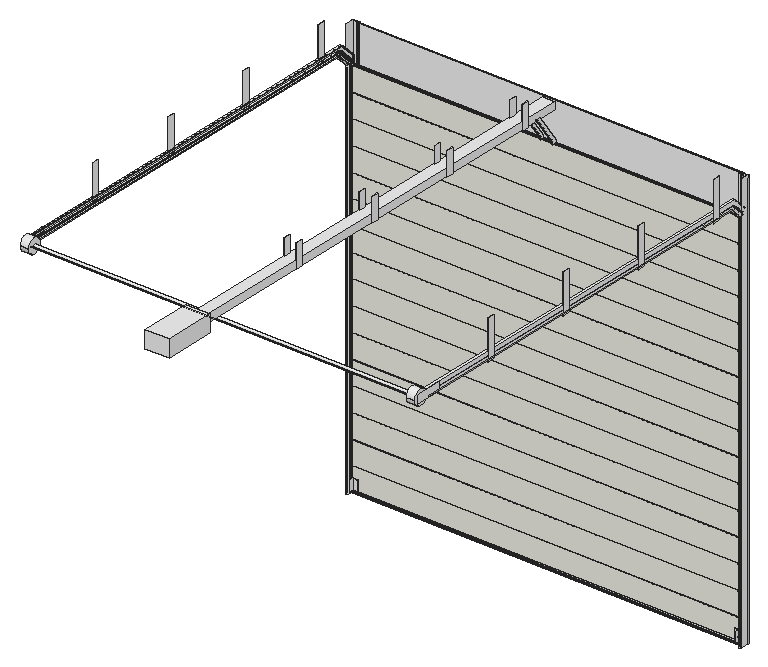
Revit family "2014-ES_Puerta-Seccional_AEPA", category Puertas, Revit 2014
Parameters (values of type "Puerta Seccional 4000x4000mm")
  Uniclass 2.0 Descripción = "Sectional overhead doorset systems"  # constant formula
  Uniclass 2.0 Código = "25-30-20-76"  # constant formula
  URL Producto = ""
  URL = "http://www.aepa.ws/web/index.php"
  UNSPSC Código = "30172108"  # constant formula
  UNSPSC Categoría = "Rolling garage door"  # constant formula
  Teléfono de Contacto = "91 429 31 02"
  Representación Horizontal L. H. Guia Inferior = Longitud Horizontal Guia Inferior + 300 mm  # 4300 mm
  Piezas - Redondeo = roundup(N Piezas / 1 mm)  # 16
  Redondeo Lamas = roundup(N Piezas / 1 mm)  # 16
  Omniclass Título = "Sectional Overhead Metal Doors"  # constant formula
  Omniclass Código = "23-17 11 13 25 13"  # constant formula
  Numero lamas = Height / 250 mm  # 16
  N Piezas = Height / 250  # 16 mm
  Modelo = "Genérico AEPA"  # constant formula
  Mitad Longitud Real Lama = Mitad Longitud Puerta + 20 mm  # 2020 mm
  Mitad Longitud Puerta = Width / 2  # 2000 mm
  Masterformat Descripción = "Sectional Doors"  # constant formula
  Masterformat Código = "08 36 13"  # constant formula
  Longitud Horizontal Guia Superior = Longitud Horizontal Guia Inferior + 21.9 mm  # 4021.9 mm
  Longitud Horizontal Guia Inferior = Height  # 4000 mm
  Largo Carril Maquinaria = Longitud Horizontal Guia Superior + 1000 mm  # 5021.9 mm
  Lama = Panel Sandwich- Puerta Generica- AEPA
  Información Técnica = "http://bimetica.com/es/aepa.html"
  IFC Clasificación = ""
  Gomas = Gomas- Puerta Generica- AEPA
  Función = Interior
  Proyección marco ext. = 25 mm
  Proyección marco int. = 25 mm
  Fecha de Caducidad de Información = "01/01/2016"  # constant formula
  Fecha Revisión de Contenido = "15/12/2014"  # constant formula
  Fabricante - ROLLTORE PORTIS = "http://www.portis.es/"
  Fabricante - CONTROLSA = "http://www.controlsa.com/"
  Estructura = Aluminio- Puerta Generica- AEPA
  Email de Contacto = "info@aepa.ws"
  Desfase interior = 0 mm
  Desfase exterior = 0 mm
  Descripción = "Puerta Seccional Genérica AEPA"  # constant formula
  Creado por = "Bimetica Parametric Design Services S.L."  # constant formula
  Colección = "Biblioteca BIM AEPA"  # constant formula
  Cantidad Piezas Fijacion = rounddown((Longitud Horizontal Guia Superior - 215 mm) / 900 mm)  # 4
  COBie Categoría = ""
  Bimetica = "www.bimetica.com"
  Asociación- AEPA = "http://www.aepa.ws/web/index.php"
  Anchura de marco = 75 mm
  Anchura Hueco = if(Desfase interior = 0 mm, Width + 140 mm, Width)  # 4140 mm
  Altura Nivel Techo Maquinaria = 300 mm
  Altura Hueco = if(Desfase interior = 0 mm, Height + 390 mm, Height)  # 4390 mm
  Altura Fijaciones Techo = 409.018 mm
  Altura Def Lama = if(Alt. Real Lama = 244 mm, 244 mm, Alt. Real Lama)  # 243 mm
  Altura Cuelgues Carril = 244.362 mm
  Alt. Real Lama = Height / Redondeo Lamas - (Redondeo Lamas * 7 mm / Redondeo Lamas)  # 243 mm
  Altura Perfil Vertical sobre dintel = 390 mm
  Height = 4000 mm
  Cierre de muro = Por anfitrión
  Width = 4000 mm
Reference planes
  plane 1: y = 0
  plane 2 "Centro (Izquierda/Derecha)": x = 0
  plane 3 "Izquierda": x = -2000
  plane 4 "Derecha": x = 2000
  plane 5: z = 4000
  plane 6 "Interior": y = 75
  plane 7 "Offset": y = 75
  plane 8 "Exterior": y = 145
Forms (mm)
  Sweep 1, solid, material "Aluminio- Puerta Generica- AEPA" <- "Estructura"
    path origin (-2000, 5.679, 0) x (0, -1, 0) y (0, 0, 1)
      loop
        line (-69.321, 0) -> (-69.321, 4390)
    profile origin (-2000, 75, 2195) x (0, 1, 0) y (-1, 0, 0)
      loop
        arc (0.049, 64.076) -> (-1.921, 68.141) -> (-6.016, 70.049) r 6.741
        line (-6.016, 70.049) -> (-89.248, 70.049) -> (-95.302, 70.049) -> (-95.302, 66.335) -> (-6.608, 66.335)
        arc (-6.608, 66.335) -> (-4.44, 65.316) -> (-3.666, 63.049) r 3.066
        line (-3.666, 63.049) -> (-3.666, 3.764) -> (-4.527, 3.764) -> (-9.427, 3.764) -> (-9.427, 11.157)
        arc (-9.427, 11.157) -> (-14.127, 13.379) -> (-17.084, 9.103) r 4.018
        line (-17.084, 9.103) -> (-17.084, 3.764) -> (-18.95, 3.764) -> (-18.95, 14.179) -> (-22.311, 14.179) -> (-22.311, -10.773) -> (-18.95, -10.773) -> (-18.95, 0.049) -> (-2.84, 0.049)
        arc (-2.84, 0.049) -> (-0.797, 0.896) -> (0.049, 2.938) r 2.889
        line (0.049, 2.938) -> (0.049, 64.076)
  Sweep 2, solid, material "Aluminio- Puerta Generica- AEPA" <- "Estructura"
    path origin (2000, 0, 0) x (0, -1, 0) y (0, 0, 1)
      loop
        line (-75, 0) -> (-75, 4390)
    profile origin (2000, 75, 2195) x (0, 1, 0) y (-1, 0, 0)
      loop
        line (0.049, -63.935) -> (0.049, -2.797)
        arc (0.049, -2.797) -> (-0.797, -0.755) -> (-2.84, 0.092) r 2.889
        line (-2.84, 0.092) -> (-18.95, 0.092) -> (-18.95, 10.914) -> (-22.311, 10.914) -> (-22.311, -14.038) -> (-18.95, -14.038) -> (-18.95, -3.623) -> (-17.084, -3.623) -> (-17.084, -8.962)
        arc (-17.084, -8.962) -> (-14.127, -13.238) -> (-9.427, -11.016) r 4.018
        line (-9.427, -11.016) -> (-9.427, -3.623) -> (-4.527, -3.623) -> (-3.666, -3.623) -> (-3.666, -62.908)
        arc (-3.666, -62.908) -> (-4.44, -65.175) -> (-6.608, -66.193) r 3.066
        line (-6.608, -66.193) -> (-95.302, -66.193) -> (-95.302, -69.908) -> (-89.248, -69.908) -> (-6.016, -69.908)
        arc (-6.016, -69.908) -> (-1.921, -68) -> (0.049, -63.935) r 6.741
  Sweep 3, solid, material "Aluminio- Puerta Generica- AEPA" <- "Estructura"
    path origin (2000, 0, 0) x (0, -1, 0) y (0, 0, 1)
      loop
        line (-20.78, 0) -> (-20.78, 4047) -> (126.78, 4194.56) -> (4126.78, 4194.56)
    profile origin (2000, 20.78, 2023.5) x (0, 1, 0) y (-1, 0, 0)
      loop
        line (-10.944, -41.577) -> (-14.863, -41.577) -> (-14.863, -63.542) -> (-33.99, -63.542)
        spline (-33.99, -63.542) -> (-38.153, -62.86) -> (-41.345, -61.955) -> (-43.75, -60.808) -> (-45.556, -59.398) -> (-46.899, -57.725) -> (-47.755, -55.851) -> (-48.062, -53.852) -> (-47.762, -51.805) -> (-46.794, -49.78) -> (-45.082, -47.829) -> (-42.549, -45.995) -> (-39.117, -44.322)
        line (-39.117, -44.322) -> (-40.513, -40.959)
        spline (-40.513, -40.959) -> (-44.649, -43.002) -> (-47.438, -44.989) -> (-49.273, -46.996) -> (-50.542, -49.1) -> (-51.419, -51.333) -> (-51.811, -53.673) -> (-51.604, -56.095) -> (-50.685, -58.572) -> (-48.979, -61.033) -> (-46.505, -63.288) -> (-43.297, -65.125) -> (-39.392, -66.335)
        line (-39.392, -66.335) -> (-10.944, -66.335) -> (-10.944, -41.577)
  Sweep 4, solid, material "Aluminio- Puerta Generica- AEPA" <- "Estructura"
    path origin (2000, 0, 0) x (0, -1, 0) y (0, 0, 1)
      loop
        line (-20.78, 4000) -> (-20.78, 4064.873) -> (109.419, 4195.072) -> (4131.319, 4195.072)
    profile origin (2000, 20.78, 4032.437) x (0, 1, 0) y (-1, 0, 0)
      loop
        line (31.909, -41.577) -> (29.909, -41.577) -> (29.909, -64.193) -> (-4.569, -64.193) -> (-4.569, -41.577) -> (-6.569, -41.577) -> (-6.569, -66.193) -> (31.909, -66.193) -> (31.909, -41.577)
  Sweep 5, solid, material "Aluminio- Puerta Generica- AEPA" <- "Estructura"
    path origin (-2000, 0, 0) x (0, -1, 0) y (0, 0, 1)
      loop
        line (-20.78, 4000) -> (-20.78, 4064.873) -> (109.419, 4195.072) -> (4131.319, 4195.072)
    profile origin (-2000, 20.78, 4032.437) x (0, 1, 0) y (-1, 0, 0)
      loop
        line (33.941, 41.719) -> (33.941, 66.335) -> (-6.573, 66.335) -> (-6.573, 41.601) -> (-4.573, 41.601) -> (-4.573, 64.335) -> (31.941, 64.335) -> (31.941, 41.719) -> (33.941, 41.719)
  Sweep 6, solid, material "Aluminio- Puerta Generica- AEPA" <- "Estructura"
    path origin (-2000, 28.112, 0) x (0, -1, 0) y (0, 0, 1)
      loop
        line (4157.755, 4188.498) -> (157.755, 4188.498) -> (11.412, 4042.156) -> (11.412, 0)
    profile origin (-2000, -2129.642, 4188.498) x (0, 0, -1) y (-1, 0, 0)
      loop
        line (6.25, 41.656) -> (10.169, 41.656) -> (10.169, 63.621) -> (29.296, 63.621)
        spline (29.296, 63.621) -> (33.459, 62.938) -> (36.651, 62.033) -> (39.056, 60.886) -> (40.862, 59.477) -> (42.205, 57.803) -> (43.06, 55.93) -> (43.368, 53.931) -> (43.068, 51.883) -> (42.1, 49.858) -> (40.388, 47.907) -> (37.855, 46.074) -> (34.423, 44.4)
        line (34.423, 44.4) -> (35.819, 41.037)
        spline (35.819, 41.037) -> (39.955, 43.08) -> (42.744, 45.067) -> (44.579, 47.074) -> (45.848, 49.178) -> (46.725, 51.411) -> (47.117, 53.752) -> (46.91, 56.173) -> (45.991, 58.65) -> (44.285, 61.112) -> (41.811, 63.367) -> (38.603, 65.204) -> (34.698, 66.413)
        line (34.698, 66.413) -> (6.25, 66.413) -> (6.25, 41.656)
  Extrusion 7, solid, material "Aluminio- Puerta Generica- AEPA" <- "Estructura"
    sketch origin (-2000, 0, 0) x (0, -1, 0) y (0, 0, 1)
      loop
        line (-16.563, 30) -> (-16.563, 14.893) -> (-11.969, 14.893) -> (-11.969, 7.075) -> (-10.45, 7.075) -> (-10.45, 16.261) -> (-14.91, 16.261) -> (-14.91, 30) -> (-16.563, 30)
    from -4020 to 20
  Extrusion 8, solid, material "Gomas- Puerta Generica- AEPA" <- "Gomas", detail levels medium+fine
    sketch origin (-2000, 0, 0) x (0, -1, 0) y (0, 0, 1)
      loop
        line (-16.563, 14.893) -> (-16.563, 0) -> (-10.45, 0) -> (-10.45, 7.075) -> (-11.969, 7.075) -> (-11.969, 14.893) -> (-16.563, 14.893)
    from -4020 to 20
  Extrusion 9, solid, material "Aluminio- Puerta Generica- AEPA" <- "Estructura"
    sketch origin (0, 0, 0) x (1, 0, 0) y (0, 1, 0)
      loop
        line (-1971.414, 16.563) -> (-2021.981, 16.563) -> (-2021.981, -30.09) -> (-2019.981, -30.09) -> (-2019.981, 13.347) -> (-1971.414, 13.347) -> (-1971.414, 16.563)
    from 30 to 140
  Extrusion 10, solid, material "Aluminio- Puerta Generica- AEPA" <- "Estructura"
    sketch origin (1.875, 0, 0) x (-1, 0, 0) y (0, -1, 0)
      loop
        line (-1971.414, -16.563) -> (-1971.414, -13.347) -> (-2018.266, -13.347) -> (-2018.266, 30.09) -> (-2020.266, 30.09) -> (-2020.266, -16.563) -> (-1971.414, -16.563)
    from 30 to 140
  Extrusion 11, solid, material "Aluminio- Puerta Generica- AEPA" <- "Estructura", detail levels medium+fine
    sketch origin (-2000, 0, 0) x (0, -1, 0) y (0, 0, 1)
      loop
        circle (6.739, 86.187) r 4
    from 21.981 to 48.102
  Extrusion 12, solid, detail levels fine
    sketch origin (-2000, -404.375, 0) x (0, -1, 0) y (0, 0, 1)
      loop
        circle (-397.011, 86.187) r 13
    from 48.102 to 59.386
  Extrusion 13, solid, material "Aluminio- Puerta Generica- AEPA" <- "Estructura", detail levels medium+fine
    sketch origin (1600.156, 0, 0) x (0, -1, 0) y (0, 0, -1)
      loop
        circle (6.739, -86.187) r 4
    from 421.981 to 448.102
  Extrusion 14, solid, detail levels fine
    sketch origin (1600, -4.062, 0) x (0, -1, 0) y (0, 0, -1)
      loop
        circle (2.989, -86.187) r 13
    from 448.102 to 459.386
  Extrusion 15, solid, material "Aluminio- Puerta Generica- AEPA" <- "Estructura", detail levels medium+fine
    sketch origin (2000, 0, 0) x (0, -1, 0) y (0, 0, 1)
      loop
        line (4246.319, 4226.981) -> (3981.319, 4226.981) -> (3981.319, 4142.844) -> (4246.319, 4142.844) -> (4246.319, 4226.981)
    from -69.908 to -66.193
  Extrusion 16, solid, material "Aluminio- Puerta Generica- AEPA" <- "Estructura"
    sketch origin (-1750, -10.215, 500) x (0, -1, 0) y (0, 0, -1)
      loop
        circle (4197.404, -3683.511) r 75
    from -313.542 to -226.335
  Extrusion 17, solid, material "Aluminio- Puerta Generica- AEPA" <- "Estructura"
    sketch origin (0, 75, 0) x (1, 0, 0) y (0, 0, 1)
      loop
        line (2000, 4390) -> (-2000, 4390) -> (-2000, 4000) -> (2000, 4000) -> (2000, 4390)
    from 0 to 18.95
  Extrusion 18, solid, material "Aluminio- Puerta Generica- AEPA" <- "Estructura"
    sketch origin (0, 0, 15) x (0, 1, 0) y (0, 0, 1)
      loop
        line (52.689, 4365) -> (-4969.211, 4365) -> (-4969.211, 4285) -> (52.689, 4285) -> (52.689, 4365)
    from -61.055 to 61.055
  Extrusion 19, solid, material "Aluminio- Puerta Generica- AEPA" <- "Estructura", detail levels medium+fine
    sketch origin (0, 0, 0) x (0, 1, 0) y (0, 0, 1)
      loop
        line (52.739, 4022.828) -> (-165.346, 4323.826) -> (-201.73, 4323.826) -> (16.563, 4022.542) -> (16.563, 4000) -> (52.739, 4000) -> (52.739, 4022.828)
    from 61.055 to 72.537
  Extrusion 20, solid, material "Aluminio- Puerta Generica- AEPA" <- "Estructura", detail levels medium+fine
    sketch origin (0, 0, 0) x (0, 1, 0) y (0, 0, -1)
      loop
        line (52.739, -4022.828) -> (52.739, -4000) -> (16.563, -4000) -> (16.563, -4022.542) -> (-201.73, -4323.826) -> (-165.346, -4323.826) -> (52.739, -4022.828)
    from 61.055 to 72.537
  Extrusion 21, solid, material "Aluminio- Puerta Generica- AEPA" <- "Estructura", detail levels medium+fine
    sketch origin (-1997.5, -500.689, 0) x (0, 1, 0) y (0, 0, 1)
      loop
        line (120.833, 4544.362) -> (120.833, 4135.344) -> (190.046, 4135.344) -> (190.046, 4544.362) -> (120.833, 4544.362)
    from -69.335 to -72.335
  Extrusion 22, solid, material "Aluminio- Puerta Generica- AEPA" <- "Estructura", detail levels medium+fine
    sketch origin (-1997.5, -1484.022, 0) x (0, 1, 0) y (0, 0, 1)
      loop
        line (120.833, 4544.362) -> (120.833, 4135.344) -> (190.046, 4135.344) -> (190.046, 4544.362) -> (120.833, 4544.362)
    from -69.335 to -72.335
  Extrusion 23, solid, material "Aluminio- Puerta Generica- AEPA" <- "Estructura", detail levels medium+fine
    sketch origin (-1997.5, -2467.355, 0) x (0, 1, 0) y (0, 0, 1)
      loop
        line (120.833, 4544.362) -> (120.833, 4135.344) -> (190.046, 4135.344) -> (190.046, 4544.362) -> (120.833, 4544.362)
    from -69.335 to -72.335
  Extrusion 24, solid, material "Aluminio- Puerta Generica- AEPA" <- "Estructura", detail levels medium+fine
    sketch origin (2000, -500, 0) x (0, -1, 0) y (0, 0, 1)
      loop
        line (-120.145, 4544.362) -> (-189.357, 4544.362) -> (-189.357, 4135.344) -> (-120.145, 4135.344) -> (-120.145, 4544.362)
    from -70.824 to -66.193
  Extrusion 25, solid, material "Aluminio- Puerta Generica- AEPA" <- "Estructura", detail levels medium+fine
    sketch origin (2000, -1483.333, 0) x (0, -1, 0) y (0, 0, 1)
      loop
        line (-120.145, 4544.362) -> (-189.357, 4544.362) -> (-189.357, 4135.344) -> (-120.145, 4135.344) -> (-120.145, 4544.362)
    from -70.824 to -66.193
  Extrusion 26, solid, material "Aluminio- Puerta Generica- AEPA" <- "Estructura", detail levels medium+fine
    sketch origin (2000, -2466.667, 0) x (0, -1, 0) y (0, 0, 1)
      loop
        line (-120.145, 4544.362) -> (-189.357, 4544.362) -> (-189.357, 4135.344) -> (-120.145, 4135.344) -> (-120.145, 4544.362)
    from -70.824 to -66.193
  Extrusion 27, solid, material "Aluminio- Puerta Generica- AEPA" <- "Estructura"
    sketch origin (0, -500, 0) x (0, 1, 0) y (0, 0, 1)
      loop
        line (120.145, 4544.362) -> (120.145, 4300) -> (189.357, 4300) -> (189.357, 4544.362) -> (120.145, 4544.362)
    from 61.055 to 67.789
  Extrusion 28, solid, material "Aluminio- Puerta Generica- AEPA" <- "Estructura", detail levels medium+fine
    sketch origin (0, -500, 0) x (0, 1, 0) y (0, 0, -1)
      loop
        line (120.145, -4544.362) -> (189.357, -4544.362) -> (189.357, -4300) -> (120.145, -4300) -> (120.145, -4544.362)
    from 61.055 to 67.789
  Extrusion 29, solid, material "Aluminio- Puerta Generica- AEPA" <- "Estructura"
    sketch origin (0, -1483.333, 0) x (0, 1, 0) y (0, 0, 1)
      loop
        line (120.145, 4544.362) -> (120.145, 4300) -> (189.357, 4300) -> (189.357, 4544.362) -> (120.145, 4544.362)
    from 61.055 to 67.789
  Extrusion 30, solid, material "Aluminio- Puerta Generica- AEPA" <- "Estructura"
    sketch origin (0, -2466.667, 0) x (0, 1, 0) y (0, 0, 1)
      loop
        line (120.145, 4544.362) -> (120.145, 4300) -> (189.357, 4300) -> (189.357, 4544.362) -> (120.145, 4544.362)
    from 61.055 to 67.789
  Extrusion 31, solid, material "Aluminio- Puerta Generica- AEPA" <- "Estructura", detail levels medium+fine
    sketch origin (0, -1483.333, 0) x (0, 1, 0) y (0, 0, -1)
      loop
        line (120.145, -4544.362) -> (189.357, -4544.362) -> (189.357, -4300) -> (120.145, -4300) -> (120.145, -4544.362)
    from 61.055 to 67.789
  Extrusion 32, solid, material "Aluminio- Puerta Generica- AEPA" <- "Estructura", detail levels medium+fine
    sketch origin (0, -2466.667, 0) x (0, 1, 0) y (0, 0, -1)
      loop
        line (120.145, -4544.362) -> (189.357, -4544.362) -> (189.357, -4300) -> (120.145, -4300) -> (120.145, -4544.362)
    from 61.055 to 67.789
  Extrusion 33, solid, material "Aluminio- Puerta Generica- AEPA" <- "Estructura"
    sketch origin (0, 0, 0) x (0, 1, 0) y (0, 0, 1)
      loop
        line (-5070.251, 4427.457) -> (-5070.251, 4247.457) -> (-4535.251, 4247.457) -> (-4535.251, 4427.457) -> (-5070.251, 4427.457)
    from -126.257 to 126.257
  Extrusion 34, solid, material "Aluminio- Puerta Generica- AEPA" <- "Estructura", detail levels medium+fine
    sketch origin (-1750, 40, 0) x (0, -1, 0) y (0, 0, -1)
      loop
        line (4021.319, -4226.981) -> (4286.319, -4226.981) -> (4286.319, -4142.844) -> (4021.319, -4142.844) -> (4021.319, -4226.981)
    from -319.908 to -316.193
  Extrusion 35, solid, material "Aluminio- Puerta Generica- AEPA" <- "Estructura"
    sketch origin (1750, -10.215, 500) x (0, -1, 0) y (0, 0, 1)
      loop
        circle (4197.404, 3683.511) r 75
    from -313.542 to -226.335
  Extrusion 36, solid, material "Aluminio- Puerta Generica- AEPA" <- "Estructura"
    sketch origin (2000, 0, 0) x (0, -1, 0) y (0, 0, 1)
      loop
        circle (4206.88, 4184.398) r 20
    from 0 to 4000
  Extrusion 37, solid, material "Aluminio- Puerta Generica- AEPA" <- "Estructura", detail levels medium+fine
    sketch origin (-1997.5, -3450.689, 0) x (0, 1, 0) y (0, 0, 1)
      loop
        line (120.833, 4544.362) -> (120.833, 4135.344) -> (190.046, 4135.344) -> (190.046, 4544.362) -> (120.833, 4544.362)
    from -69.335 to -72.335
  Extrusion 38, solid, material "Aluminio- Puerta Generica- AEPA" <- "Estructura", detail levels medium+fine
    sketch origin (2000, -3450, 0) x (0, -1, 0) y (0, 0, 1)
      loop
        line (-120.145, 4544.362) -> (-189.357, 4544.362) -> (-189.357, 4135.344) -> (-120.145, 4135.344) -> (-120.145, 4544.362)
    from -70.824 to -66.193
  Extrusion 39, solid, material "Aluminio- Puerta Generica- AEPA" <- "Estructura"
    sketch origin (0, -3450, 0) x (0, 1, 0) y (0, 0, 1)
      loop
        line (120.145, 4544.362) -> (120.145, 4300) -> (189.357, 4300) -> (189.357, 4544.362) -> (120.145, 4544.362)
    from 61.055 to 67.789
  Extrusion 40, solid, material "Aluminio- Puerta Generica- AEPA" <- "Estructura", detail levels medium+fine
    sketch origin (0, -3450, 0) x (0, 1, 0) y (0, 0, -1)
      loop
        line (120.145, -4544.362) -> (189.357, -4544.362) -> (189.357, -4300) -> (120.145, -4300) -> (120.145, -4544.362)
    from 61.055 to 67.789
  Extrusion 41, solid, material "Panel Sandwich- Puerta Generica- AEPA" <- "Lama", detail levels coarse
    sketch origin (0, 0, 0) x (1, 0, 0) y (0, 1, 0)
      loop
        line (-2020, 52.739) -> (-2020, 16.563) -> (2020, 16.563) -> (2020, 52.739) -> (-2020, 52.739)
    from 0 to 4000
Lines and regions (mm)
  Opening 1
    outline origin (-3050, -75, 0) x (1, 0, 0) y (0, 0, 1)
      loop
        line (980, 0) -> (5120, 0) -> (5120, 4390) -> (980, 4390) -> (980, 0)
  symbolic lines, style "DoorsHiddenLines"
    curve 1: line (-2070.049, 75, 0) -> (-2070.049, -4225, 0)
    curve 2: line (2069.908, 75.049, 0) -> (2069.908, -4225, 0)
    curve 3: line (-2070.049, -4225, 0) -> (2069.908, -4225, 0)
    curve 4: line (62.5, 52.739, 0) -> (62.5, -4535, 0)
    curve 5: line (-62.5, 52.739, 0) -> (-62.5, -4535, 0)
    curve 6: line (-125, -4535, 0) -> (125, -4535, 0)
    curve 7: line (-125, -4535, 0) -> (-125, -5070, 0)
    curve 8: line (-125, -5070, 0) -> (125, -5070, 0)
    curve 9: line (125, -5070, 0) -> (125, -4535, 0)
  symbolic lines
    curve 10: line (-2020, 52.739, 0) -> (2020, 52.739, 0)
    curve 11: line (-2020, 16.563, 0) -> (-2020, 52.739, 0)
    curve 12: line (2020, 16.563, 0) -> (-2020, 16.563, 0)
    curve 13: line (2020, 52.739, 0) -> (2020, 16.563, 0)
Text (mm)
  text "Exterior" at (-2295.016, 1099.543, 0), in view "Nivel de referencia"
  text "Exterior" at (0, 1615.38, 3698.081), in view "Izquierda"
  text "Exterior" at (0, 1036.032, 3874.932), in view "Derecha"
Dimensions and locks
  equal spacing: plane 3 "Izquierda", plane 2 "Centro (Izquierda/Derecha)", plane 4 "Derecha"
  "Width": plane 3 "Izquierda" to plane 4 "Derecha"
  "Height": plane 5 to host wall
  host wall to plane 5 = 4000 mm  (x2)
  plane 6 "Interior" to host wall = 0 mm
  host wall to plane 7 "Offset" = 150 mm
  "Desfase exterior": plane 7 "Offset" to host wall
  "Desfase interior": plane 6 "Interior" to plane 7 "Offset"
  plane 6 "Interior" to plane 8 "Exterior" = 70 mm
  "Altura Perfil Vertical sobre dintel": plane 5 to Sweep 1 sketch curve
  "Altura Perfil Vertical sobre dintel": plane 5 to Sweep 2 sketch curve
  "Mitad Longitud Puerta": plane 3 "Izquierda" to plane 2 "Centro (Izquierda/Derecha)"
  equal spacing: group 1, group 2, group 3, group 4, group 5, group 6, group 7, group 8, group 9, group 10, group 11, group 12, group 25, group 26, group 27, group 28  (x3)
  locked: nested 2 to nested 1 at 2.399  (x2)
  locked: nested 1 to level at 2.496
  plane 6 "Interior" to nested 1 to nested 1 = 22.261 mm locked, 36.177 mm locked
  plane 6 "Interior" to nested 2 to nested 2 = 22.261 mm locked, 36.177 mm locked
  plane 5 to Sweep 5 sketch curve to Sweep 5 sketch curve = 64.873 mm locked, 130.198 mm locked
  plane 6 "Interior" to Sweep 5 sketch curve to Sweep 5 sketch curve = 54.22 mm locked, 130.198 mm locked
  "Longitud Horizontal Guia Superior": Sweep 5 sketch curve to Sweep 5 sketch curve
  locked: Sweep 4 sketch curve to Sweep 4 sketch curve at 130.198
  "Longitud Horizontal Guia Superior": Sweep 4 sketch curve to Sweep 4 sketch curve
  locked: Sweep 4 sketch curve to plane 6 "Interior" at 54.22
  Sweep 6 sketch curve to Sweep 6 sketch curve to profile plane = 24.757 mm locked, 41.656 mm locked
  Sweep 6 sketch curve to Sweep 6 sketch curve to Sweep 6 sketch curve to Sweep 6 sketch curve to plane 3 "Izquierda" = 2.792 mm locked, 19.221 mm locked, 3.363 mm locked, 41.037 mm locked
  "Mitad Longitud Real Lama": Extrusion 7 to plane 2 "Centro (Izquierda/Derecha)"
  "Mitad Longitud Real Lama": plane 2 "Centro (Izquierda/Derecha)" to Extrusion 7
  Extrusion 7 to level = 14.893 mm
  plane 6 "Interior" to nested 1 to Extrusion 7 to Sweep 6 = 58.437 mm locked, 4.593 mm locked, 1.519 mm locked
  plane 6 "Interior" to Extrusion 7 to Extrusion 7 to Extrusion 8 to Extrusion 7 = 58.437 mm locked, 1.653 mm locked, 2.94 mm locked, 1.519 mm locked
  "Mitad Longitud Real Lama": Extrusion 8 to plane 2 "Centro (Izquierda/Derecha)"
  "Mitad Longitud Real Lama": plane 2 "Centro (Izquierda/Derecha)" to Extrusion 8
  Extrusion 9 to Extrusion 9 to Extrusion 9 to plane 6 "Interior" = 43.437 mm locked, 3.216 mm locked, 58.437 mm locked
  locked: plane 3 "Izquierda" to Extrusion 9 at 28.586
  Extrusion 9 to Extrusion 9 to plane 3 "Izquierda" = 2 mm locked, 19.981 mm locked
  locked: Extrusion 10 to plane 4 "Derecha" at 26.711
  plane 4 "Derecha" to Extrusion 10 to Extrusion 10 = 20.141 mm locked, 2 mm locked
  Extrusion 10 to Extrusion 10 to Extrusion 10 to plane 6 "Interior" = 43.437 mm locked, 3.216 mm locked, 58.437 mm locked
  plane 6 "Interior" to Extrusion 11 sketch curve = 81.739 mm
  locked: Extrusion 11 sketch curve to level at 86.187
  Extrusion 9 to Extrusion 9 to level = 110 mm locked, 30 mm locked
  Extrusion 10 to Extrusion 10 to level = 110 mm locked, 30 mm locked
  Extrusion 11 to Extrusion 11 to plane 3 "Izquierda" = 26.121 mm locked, 21.981 mm locked
  plane 5 to Sweep 3 sketch curve to Sweep 3 sketch curve = 47 mm locked, 147.559 mm locked
  plane 6 "Interior" to Sweep 3 sketch curve to Sweep 3 sketch curve = 54.22 mm locked, 147.559 mm locked
  "Longitud Horizontal Guia Inferior": Sweep 3 sketch curve to Sweep 3 sketch curve
  locked: plane 6 "Interior" to Sweep 3 sketch curve at 54.22
  Extrusion 12 to Extrusion 12 to plane 3 "Izquierda" = 11.284 mm locked, 48.102 mm locked
  plane 4 "Derecha" to Extrusion 13 to Extrusion 13 = 22.137 mm locked, 26.121 mm locked
  locked: Extrusion 13 sketch curve to plane 6 "Interior" at 81.739
  locked: Extrusion 11 to level at 86.187
  locked: Extrusion 14 sketch curve to level at 86.187
  locked: Extrusion 14 sketch curve to plane 6 "Interior" at 82.051
  plane 4 "Derecha" to Extrusion 14 to Extrusion 14 = 48.102 mm locked, 11.284 mm locked
  plane 5 to Sweep 6 sketch curve to Sweep 6 sketch curve = 42.156 mm locked, 146.343 mm locked
  plane 6 "Interior" to Sweep 6 sketch curve to Sweep 6 sketch curve = 58.3 mm locked, 146.343 mm locked
  "Longitud Horizontal Guia Inferior": Sweep 6 sketch curve to Sweep 6 sketch curve
  plane 4 "Derecha" to Extrusion 15 to Extrusion 15 = 66.193 mm locked, 3.715 mm locked
  Extrusion 15 to Extrusion 15 to plane 5 = 84.137 mm locked, 142.844 mm locked
  Extrusion 15 sketch curve to Sweep 4 to Extrusion 15 sketch curve = 115 mm, 150 mm
  Extrusion 16 to plane 3 "Izquierda" to Extrusion 16 = 63.542 mm locked, 23.665 mm locked
  locked: nested 11 to nested 11 at 36.177
  locked: nested 12 to nested 12 at 36.177
  equal spacing: Extrusion 18, plane 2 "Centro (Izquierda/Derecha)", Extrusion 18
  "Altura Nivel Techo Maquinaria": plane 5 to Extrusion 18
  locked: Extrusion 18 to Extrusion 18 at 80
  "Largo Carril Maquinaria": Extrusion 18 to Extrusion 18
  locked: plane 5 to Extrusion 19 sketch curve at 22.828
  locked: plane 5 to Extrusion 19 sketch curve at 22.542
  plane 6 "Interior" to Extrusion 19 sketch curve to Extrusion 19 sketch curve = 22.261 mm locked, 36.177 mm locked
  locked: Extrusion 18 to Extrusion 19 sketch curve at 23.826  (x2)
  plane 6 "Interior" to Extrusion 19 sketch curve to Extrusion 19 sketch curve = 240.346 mm locked, 36.384 mm
  plane 2 "Centro (Izquierda/Derecha)" to Extrusion 19 to Extrusion 19 = 61.055 mm locked, 11.482 mm locked
  locked: Extrusion 20 sketch curve to Extrusion 20 sketch curve at 36.177
  Extrusion 20 sketch curve to Extrusion 20 sketch curve = 36.384 mm
  locked: Extrusion 20 to Extrusion 20 at 11.482
  Extrusion 20 to Extrusion 20 to plane 2 "Centro (Izquierda/Derecha)" = 11.482 mm locked, 61.055 mm locked
  locked: plane 5 to Extrusion 21 at 135.344  (x2)
  "Altura Fijaciones Techo": Extrusion 21 to Extrusion 21
  equal spacing: Extrusion 17, plane 2 "Centro (Izquierda/Derecha)", Extrusion 17
  Extrusion 21 to Extrusion 21 to plane 3 "Izquierda" = 3 mm locked, 66.835 mm locked
  locked: Extrusion 22 to Extrusion 22 at 3
  equal spacing: group 13, group 14, group 15, group 29  (x2)
  equal spacing: group 29, group 15, group 14, group 13
  locked: plane 5 to Extrusion 22 at 135.344
  "Altura Fijaciones Techo": Extrusion 22 to Extrusion 22
  locked: Extrusion 23 to Extrusion 23 at 3
  Extrusion 22 to Extrusion 22 to plane 3 "Izquierda" = 3 mm locked, 66.835 mm locked
  plane 4 "Derecha" to Extrusion 24 to Extrusion 24 = 66.193 mm locked, 4.63 mm locked
  "Altura Fijaciones Techo": Extrusion 24 sketch curve to Extrusion 24 sketch curve
  locked: Extrusion 25 to Extrusion 25 at 4.63
  "Altura Fijaciones Techo": Extrusion 25 sketch curve to Extrusion 25 sketch curve
  equal spacing: group 16, group 17, group 18, group 30  (x2)
  equal spacing: group 30, group 18, group 17, group 16
  locked: plane 4 "Derecha" to Extrusion 25 at 66.193
  locked: Extrusion 26 to Extrusion 26 at 4.63
  "Altura Fijaciones Techo": Extrusion 26 sketch curve to Extrusion 26 sketch curve
  plane 6 "Interior" to Extrusion 20 sketch curve to Extrusion 20 sketch curve = 22.261 mm locked, 36.177 mm locked
  plane 6 "Interior" to Extrusion 20 sketch curve to Extrusion 20 sketch curve = 240.346 mm locked, 36.384 mm locked
  locked: Extrusion 19 to Extrusion 18 at 23.826
  locked: Extrusion 24 to plane 6 "Interior" at 385.643
  "Altura Cuelgues Carril": Extrusion 27 sketch curve to Extrusion 27 sketch curve
  "Altura Cuelgues Carril": Extrusion 28 sketch curve to Extrusion 28 sketch curve
  "Altura Cuelgues Carril": Extrusion 29 sketch curve to Extrusion 29 sketch curve
  equal spacing: group 19, group 20, group 21, group 31  (x2)
  equal spacing: group 31, group 21, group 20, group 19
  "Altura Cuelgues Carril": Extrusion 30 sketch curve to Extrusion 30 sketch curve
  "Altura Cuelgues Carril": Extrusion 31 sketch curve to Extrusion 31 sketch curve
  equal spacing: group 22, group 23, group 24, group 32  (x2)
  equal spacing: group 32, group 24, group 23, group 22
  "Altura Cuelgues Carril": Extrusion 32 sketch curve to Extrusion 32 sketch curve
  equal spacing: Opening 1 sketch curve, plane 2 "Centro (Izquierda/Derecha)", Opening 1 sketch curve
  "Anchura Hueco": Opening 1 sketch curve to Opening 1 sketch curve
  "Altura Hueco": Opening 1 sketch curve to level
  locked: Sweep 4 to Extrusion 15 at 150
  locked: Extrusion 15 to Sweep 4 at 115
  locked: Extrusion 33 sketch curve to Extrusion 18 at 101.04
  locked: Extrusion 18 to Extrusion 33 sketch curve at 433.96
  locked: Extrusion 33 sketch curve to Extrusion 18 at 47.457
  locked: Extrusion 33 sketch curve to Extrusion 18 at 52.543
  equal spacing: Extrusion 33, plane 2 "Centro (Izquierda/Derecha)", Extrusion 33
  locked: Extrusion 34 to Extrusion 34 at 3.715
  locked: Extrusion 34 to Extrusion 34 at 84.137
  locked: Extrusion 34 sketch curve to Extrusion 34 sketch curve at 265
  Extrusion 34 to Extrusion 34 to Extrusion 16 = 3.715 mm locked, 2.651 mm locked
  locked: Extrusion 15 to Extrusion 15 at 3.715
  locked: Extrusion 34 to Extrusion 16 sketch curve at 43.47
  Extrusion 34 sketch curve to Extrusion 34 sketch curve = 265 mm
  Sweep 5 to Extrusion 34 = 115 mm
  Extrusion 35 to Extrusion 35 = 87.207 mm
  Extrusion 35 to Extrusion 35 to Extrusion 15 to Extrusion 15 = 87.207 mm locked, 2.651 mm locked, 3.715 mm locked
  locked: Extrusion 35 sketch curve to Extrusion 15 at 38.699
  locked: Extrusion 15 to Extrusion 35 sketch curve at 40.668
  locked: Extrusion 36 sketch curve to Extrusion 15 at 39.439
  locked: Extrusion 34 to Extrusion 36 sketch curve at 41.554
  equal spacing: Extrusion 36, plane 2 "Centro (Izquierda/Derecha)", Extrusion 36
  "Width": Extrusion 36 to Extrusion 36
  locked: plane 5 to Extrusion 27 at 300
  locked: plane 5 to Extrusion 29 at 300
  locked: plane 5 to Extrusion 28 at 300
  locked: plane 5 to Extrusion 31 at 300
  locked: Extrusion 27 to plane 6 "Interior" at 385.643
  locked: Extrusion 16 sketch curve to Sweep 4 at 76.301
  plane 6 "Interior" to Extrusion 21 to Extrusion 21 = 385.643 mm locked, 69.212 mm locked
  locked: Extrusion 28 to plane 6 "Interior" at 385.643
  locked: nested 13 to nested 13 at 36.177
  locked: nested 14 to nested 14 at 36.177
  locked: nested 15 to nested 15 at 36.177
  locked: nested 16 to nested 16 at 36.177
  "Altura Fijaciones Techo": Extrusion 37 to Extrusion 37
  locked: Extrusion 37 to Extrusion 37 at 3
  locked: Extrusion 37 to Extrusion 37 at 69.212
  locked: Extrusion 38 to Extrusion 38 at 4.63
  "Altura Fijaciones Techo": Extrusion 38 sketch curve to Extrusion 38 sketch curve
  "Altura Cuelgues Carril": Extrusion 39 sketch curve to Extrusion 39 sketch curve
  "Altura Cuelgues Carril": Extrusion 40 sketch curve to Extrusion 40 sketch curve
  locked: Extrusion 22 to Extrusion 21 at 914.121
  Extrusion 31 to Extrusion 28 = 914.121 mm  (x2)
  Extrusion 28 to Extrusion 31 = 914.121 mm
  locked: Extrusion 29 to Extrusion 27 at 914.121
  locked: Extrusion 28 to Extrusion 31 at 914.121
  locked: Extrusion 22 to Extrusion 24 at 914.121
  locked: Extrusion 25 to Extrusion 24 at 914.121
  locked: Extrusion 25 to Extrusion 18 at 164.656
  locked: Extrusion 24 to Extrusion 18 at 164.656
  locked: Extrusion 18 to plane 6 "Interior" at 22.311
  locked: plane 4 "Derecha" to Extrusion 41 sketch curve at 20
  locked: Extrusion 41 sketch curve to plane 3 "Izquierda" at 20
  Extrusion 41 sketch curve to Extrusion 41 sketch curve to plane 6 "Interior" = 36.177 mm locked, 22.261 mm locked
  "Representación Horizontal L. H. Guia Inferior": curve 3 to plane 6 "Interior"
  locked: curve 1 to plane 3 "Izquierda" at 70.049
  locked: plane 4 "Derecha" to curve 2 at 69.908
  equal spacing: curve 5, plane 2 "Centro (Izquierda/Derecha)", curve 4
  curve 5 to curve 4 = 125 mm
  locked: curve 6 to curve 3 at 310
  equal spacing: curve 6, plane 2 "Centro (Izquierda/Derecha)", curve 6
  locked: curve 7 to curve 9 at 250
  locked: curve 8 to curve 6 at 535
  locked: Extrusion 12 sketch curve to plane 6 "Interior" at 82.364
  locked: curve 4 to plane 6 "Interior" at 22.261
  curve 12 to curve 5 to plane 6 "Interior" = 36.177 mm locked, 22.261 mm locked
  aligned and locked: Opening 1 sketch curve to level
  aligned and locked: plane 1 to host wall
  aligned and locked: Sweep 1 sketch curve to plane 6 "Interior"
  aligned and locked: Sweep 2 sketch curve to plane 6 "Interior"
  aligned and locked: plane 5 to Sweep 5 sketch curve
  aligned and locked: nested 1 to plane 2 "Centro (Izquierda/Derecha)"
  aligned and locked: level to Sweep 6 sketch curve
  aligned and locked: Extrusion 17 to plane 4 "Derecha"
  aligned and locked: plane 5 to Extrusion 17
  aligned and locked: plane 5 to Extrusion 19 sketch curve
  aligned and locked: Extrusion 34 to Extrusion 15
  aligned and locked: Extrusion 41 to plane 5
  aligned and locked: curve 2 to Sweep 2
  aligned and locked: plane 6 "Interior" to curve 1
Automatic sketch dimensions
  Extrusion 21 sketch curve to Extrusion 21 sketch curve = 409.018 mm
  Extrusion 22 sketch curve to Extrusion 22 sketch curve = 409.018 mm
  Extrusion 23 sketch curve to Extrusion 23 sketch curve = 409.018 mm
  Extrusion 24 sketch curve to Extrusion 24 sketch curve = 69.212 mm
  Extrusion 25 sketch curve to Extrusion 25 sketch curve = 69.212 mm
  Extrusion 26 sketch curve to Extrusion 26 sketch curve = 69.212 mm
  Extrusion 27 sketch curve to Extrusion 27 sketch curve = 69.212 mm
  Extrusion 29 sketch curve to Extrusion 29 sketch curve = 69.212 mm
  Extrusion 30 sketch curve to Extrusion 30 sketch curve = 69.212 mm
  Extrusion 28 sketch curve to Extrusion 28 sketch curve = 69.212 mm
  Extrusion 31 sketch curve to Extrusion 31 sketch curve = 69.212 mm
  Extrusion 32 sketch curve to Extrusion 32 sketch curve = 69.212 mm
  Extrusion 21 sketch curve to Extrusion 21 sketch curve = 69.212 mm
  Extrusion 22 sketch curve to Extrusion 22 sketch curve = 69.212 mm
  Extrusion 23 sketch curve to Extrusion 23 sketch curve = 69.212 mm
  Extrusion 37 sketch curve to Extrusion 37 sketch curve = 409.018 mm
  Extrusion 37 sketch curve to Extrusion 37 sketch curve = 69.212 mm
  Extrusion 38 sketch curve to Extrusion 38 sketch curve = 69.212 mm
  Extrusion 39 sketch curve to Extrusion 39 sketch curve = 69.212 mm
  Extrusion 40 sketch curve to Extrusion 40 sketch curve = 69.212 mm
  profile plane to Sweep 1 sketch curve = 95.302 mm
  Sweep 1 sketch curve to Sweep 1 sketch curve = 6.054 mm
  profile plane to Sweep 1 sketch curve = 22.311 mm
  plane 3 "Izquierda" to Sweep 1 sketch curve = 0.049 mm
  Sweep 1 sketch curve to Sweep 1 sketch curve = 3.361 mm  (x2)
  Sweep 1 sketch curve to Sweep 1 sketch curve = 1.866 mm
  Sweep 1 sketch curve to Sweep 1 sketch curve = 3.998 mm
  Sweep 1 sketch curve to Sweep 1 sketch curve = 3.659 mm
  profile plane to Sweep 1 sketch curve = 6.724 mm
  Sweep 1 sketch curve to Sweep 1 sketch curve = 0.073 mm
  Sweep 1 sketch curve to Sweep 1 sketch curve = 0.043 mm
  Sweep 1 sketch curve to Sweep 1 sketch curve = 0.592 mm
  profile plane to Sweep 1 sketch curve = 4.527 mm
  Sweep 1 sketch curve to Sweep 1 sketch curve = 2.986 mm
  profile plane to Sweep 1 sketch curve = 2.84 mm
  Sweep 1 sketch curve to profile plane = 0.049 mm
  Sweep 1 sketch curve to plane 3 "Izquierda" = 10.773 mm
  plane 3 "Izquierda" to Sweep 1 sketch curve = 3.764 mm  (x2)
  Sweep 1 sketch curve to Sweep 1 sketch curve = 5.339 mm
  Sweep 1 sketch curve to Sweep 1 sketch curve = 0.395 mm
  Sweep 1 sketch curve to Sweep 1 sketch curve = 5.076 mm
  Sweep 1 sketch curve to Sweep 1 sketch curve = 48.87 mm
  Sweep 1 sketch curve to Sweep 1 sketch curve = 0.221 mm
  Sweep 1 sketch curve to Sweep 1 sketch curve = 0.068 mm
  Sweep 1 sketch curve to Sweep 1 sketch curve = 1.027 mm
  profile plane to Sweep 2 sketch curve = 95.302 mm
  Sweep 2 sketch curve to Sweep 2 sketch curve = 6.054 mm
  profile plane to Sweep 2 sketch curve = 22.311 mm
  plane 4 "Derecha" to Sweep 2 sketch curve = 0.092 mm
  Sweep 2 sketch curve to Sweep 2 sketch curve = 3.361 mm  (x2)
  Sweep 2 sketch curve to Sweep 2 sketch curve = 1.866 mm
  Sweep 2 sketch curve to Sweep 2 sketch curve = 3.998 mm
  Sweep 2 sketch curve to Sweep 2 sketch curve = 3.659 mm
  profile plane to Sweep 2 sketch curve = 6.724 mm
  Sweep 2 sketch curve to Sweep 2 sketch curve = 0.073 mm
  Sweep 2 sketch curve to Sweep 2 sketch curve = 0.043 mm
  Sweep 2 sketch curve to Sweep 2 sketch curve = 0.592 mm
  profile plane to Sweep 2 sketch curve = 4.527 mm
  Sweep 2 sketch curve to Sweep 2 sketch curve = 2.986 mm
  profile plane to Sweep 2 sketch curve = 2.84 mm
  Sweep 2 sketch curve to profile plane = 0.049 mm
  Sweep 2 sketch curve to plane 4 "Derecha" = 3.623 mm  (x2)
  Sweep 2 sketch curve to Sweep 2 sketch curve = 5.339 mm
  Sweep 2 sketch curve to Sweep 2 sketch curve = 0.395 mm
  Sweep 2 sketch curve to Sweep 2 sketch curve = 5.076 mm
  Sweep 2 sketch curve to Sweep 2 sketch curve = 48.87 mm
  Sweep 2 sketch curve to Sweep 2 sketch curve = 0.221 mm
  Sweep 2 sketch curve to Sweep 2 sketch curve = 0.068 mm
  Sweep 2 sketch curve to Sweep 2 sketch curve = 1.027 mm
  plane 4 "Derecha" to Sweep 2 sketch curve = 10.914 mm
  profile plane to Sweep 3 sketch curve = 40.513 mm
  Sweep 3 sketch curve to Sweep 3 sketch curve = 1.121 mm
  Sweep 3 sketch curve to Sweep 3 sketch curve = 1.396 mm
  Sweep 3 sketch curve to Sweep 3 sketch curve = 5.402 mm
  profile plane to Sweep 3 sketch curve = 14.863 mm
  Sweep 3 sketch curve to Sweep 3 sketch curve = 3.919 mm
  Sweep 3 sketch curve to plane 4 "Derecha" = 66.335 mm
  Sweep 3 sketch curve to Sweep 3 sketch curve = 2.792 mm
  Sweep 3 sketch curve to Sweep 3 sketch curve = 19.221 mm
  Sweep 3 sketch curve to Sweep 3 sketch curve = 21.965 mm
  Sweep 3 sketch curve to Sweep 3 sketch curve = 3.363 mm
  profile plane to Sweep 4 sketch curve = 6.569 mm
  Sweep 4 sketch curve to Sweep 4 sketch curve = 2 mm  (x3)
  Sweep 4 sketch curve to profile plane = 29.909 mm
  Sweep 4 sketch curve to plane 4 "Derecha" = 66.193 mm
  Sweep 4 sketch curve to Sweep 4 sketch curve = 22.616 mm  (x2)
  profile plane to Sweep 5 sketch curve = 6.573 mm
  Sweep 5 sketch curve to Sweep 5 sketch curve = 2 mm  (x3)
  Sweep 5 sketch curve to profile plane = 31.941 mm
  plane 3 "Izquierda" to Sweep 5 sketch curve = 41.601 mm
  Sweep 5 sketch curve to Sweep 5 sketch curve = 0.117 mm
  Sweep 5 sketch curve to Sweep 5 sketch curve = 22.733 mm
  Sweep 6 sketch curve to profile plane = 6.25 mm
  Sweep 6 sketch curve to Sweep 6 sketch curve = 3.919 mm
  Sweep 6 sketch curve to Sweep 6 sketch curve = 19.126 mm
  Sweep 6 sketch curve to Sweep 6 sketch curve = 5.127 mm
  Sweep 6 sketch curve to Sweep 6 sketch curve = 5.402 mm
  Sweep 6 sketch curve to Sweep 6 sketch curve = 1.396 mm
  plane 6 "Interior" to Extrusion 7 sketch curve = 58.437 mm
  Extrusion 7 sketch curve to Extrusion 7 sketch curve = 1.653 mm
  Extrusion 7 sketch curve to Extrusion 7 sketch curve = 2.94 mm
  Extrusion 7 sketch curve to Extrusion 7 sketch curve = 1.519 mm
  level to Extrusion 7 sketch curve = 7.075 mm
  Extrusion 7 sketch curve to Extrusion 7 sketch curve = 7.818 mm
  Extrusion 7 sketch curve to Extrusion 7 sketch curve = 1.368 mm
  Extrusion 7 sketch curve to Extrusion 7 sketch curve = 13.739 mm
  Extrusion 8 sketch curve to level = 0 mm
  level to Extrusion 8 sketch curve = 14.893 mm
  plane 6 "Interior" to Extrusion 8 sketch curve = 58.437 mm
  Extrusion 8 sketch curve to Extrusion 8 sketch curve = 4.593 mm
  Extrusion 8 sketch curve to Extrusion 8 sketch curve = 6.112 mm
  level to Extrusion 8 sketch curve = 7.075 mm
  plane 3 "Izquierda" to Extrusion 9 sketch curve = 21.981 mm
  Extrusion 9 sketch curve to Extrusion 9 sketch curve = 2 mm
  Extrusion 9 sketch curve to plane 3 "Izquierda" = 28.586 mm
  plane 6 "Interior" to Extrusion 9 sketch curve = 105.09 mm
  plane 6 "Interior" to Extrusion 9 sketch curve = 61.653 mm
  Extrusion 9 sketch curve to Extrusion 9 sketch curve = 3.216 mm
  plane 4 "Derecha" to Extrusion 10 sketch curve = 22.141 mm
  Extrusion 10 sketch curve to Extrusion 10 sketch curve = 2 mm
  Extrusion 10 sketch curve to plane 4 "Derecha" = 26.711 mm
  Extrusion 10 sketch curve to plane 6 "Interior" = 105.09 mm
  Extrusion 10 sketch curve to plane 6 "Interior" = 61.653 mm
  Extrusion 10 sketch curve to Extrusion 10 sketch curve = 3.216 mm
  level to Extrusion 12 sketch curve = 86.187 mm
  level to Extrusion 13 sketch curve = 86.187 mm
  Extrusion 15 sketch curve to plane 5 = 142.844 mm
  Extrusion 15 sketch curve to Extrusion 15 sketch curve = 84.137 mm
  Extrusion 17 sketch curve to plane 3 "Izquierda" = 0 mm
  Extrusion 17 sketch curve to plane 4 "Derecha" = 0 mm
  Extrusion 17 sketch curve to plane 5 = 0 mm
  Extrusion 17 sketch curve to plane 5 = 390 mm
  Extrusion 18 sketch curve to plane 5 = 380 mm
  plane 6 "Interior" to Extrusion 18 sketch curve = 5044.211 mm
  plane 6 "Interior" to Extrusion 18 sketch curve = 22.311 mm
  Extrusion 18 sketch curve to Extrusion 18 sketch curve = 80 mm
  plane 5 to Extrusion 20 sketch curve = 0 mm
  Extrusion 20 sketch curve to plane 5 = 22.542 mm
  Extrusion 20 sketch curve to plane 5 = 22.828 mm
  Extrusion 20 sketch curve to plane 5 = 323.826 mm
  Extrusion 34 sketch curve to plane 5 = 226.981 mm
  plane 6 "Interior" to Extrusion 34 sketch curve = 4056.319 mm
  Extrusion 34 sketch curve to Extrusion 34 sketch curve = 84.137 mm
  Sweep 1 sketch curve to level = 0 mm
  Sweep 2 sketch curve to level = 0 mm
  plane 3 "Izquierda" to curve 11 = 20 mm
  curve 13 to plane 4 "Derecha" = 20 mm
  curve 6 to curve 5 = 62.5 mm
  Sweep 3 sketch curve to level = 0 mm
  plane 5 to Sweep 4 sketch curve = 0 mm
  Sweep 4 sketch curve to plane 5 = 64.873 mm
  Sweep 4 sketch curve to Sweep 4 sketch curve = 130.198 mm
  radius of Extrusion 14 sketch curve = 13 mm
  radius of Extrusion 11 sketch curve = 4 mm
  radius of Extrusion 12 sketch curve = 13 mm
  radius of Extrusion 13 sketch curve = 4 mm
  radius of Extrusion 16 sketch curve = 75 mm
  radius of Extrusion 35 sketch curve = 75 mm
  radius of Extrusion 36 sketch curve = 20 mm
Nested families
  nested 1: "Lama puerta" at (0, 16.563, 137.567) x (0, -1, 0) z (-1, 0, 0), type "Lama puerta", detail levels medium+fine
    with Long 4040 mm, Half Long 2020 mm, Alt. Real Lama 243 mm
  nested 2: "Lama puerta" at (0, 16.563, 387.601) x (0, -1, 0) z (-1, 0, 0), type "Lama puerta", detail levels medium+fine
    with Long 4040 mm, Half Long 2020 mm, Alt. Real Lama 243 mm
  nested 3: "Lama puerta" at (0, 16.563, 637.635) x (0, -1, 0) z (-1, 0, 0), type "Lama puerta", detail levels medium+fine
    with Long 4040 mm, Half Long 2020 mm, Alt. Real Lama 243 mm
  nested 4: "Lama puerta" at (0, 16.563, 887.668) x (0, -1, 0) z (-1, 0, 0), type "Lama puerta", detail levels medium+fine
    with Long 4040 mm, Half Long 2020 mm, Alt. Real Lama 243 mm
  nested 5: "Lama puerta" at (0, 16.563, 1137.702) x (0, -1, 0) z (-1, 0, 0), type "Lama puerta", detail levels medium+fine
    with Long 4040 mm, Half Long 2020 mm, Alt. Real Lama 243 mm
  nested 6: "Lama puerta" at (0, 16.563, 1387.736) x (0, -1, 0) z (-1, 0, 0), type "Lama puerta", detail levels medium+fine
    with Long 4040 mm, Half Long 2020 mm, Alt. Real Lama 243 mm
  nested 7: "Lama puerta" at (0, 16.563, 1637.769) x (0, -1, 0) z (-1, 0, 0), type "Lama puerta", detail levels medium+fine
    with Long 4040 mm, Half Long 2020 mm, Alt. Real Lama 243 mm
  nested 8: "Lama puerta" at (0, 16.563, 1887.803) x (0, -1, 0) z (-1, 0, 0), type "Lama puerta", detail levels medium+fine
    with Long 4040 mm, Half Long 2020 mm, Alt. Real Lama 243 mm
  nested 9: "Lama puerta" at (0, 16.563, 2137.837) x (0, -1, 0) z (-1, 0, 0), type "Lama puerta", detail levels medium+fine
    with Long 4040 mm, Half Long 2020 mm, Alt. Real Lama 243 mm
  nested 10: "Lama puerta" at (0, 16.563, 2387.87) x (0, -1, 0) z (-1, 0, 0), type "Lama puerta", detail levels medium+fine
    with Long 4040 mm, Half Long 2020 mm, Alt. Real Lama 243 mm
  nested 11: "Lama puerta" at (0, 16.563, 2637.904) x (0, -1, 0) z (-1, 0, 0), type "Lama puerta", detail levels medium+fine
    with Long 4040 mm, Half Long 2020 mm, Alt. Real Lama 243 mm
  nested 12: "Lama puerta" at (0, 16.563, 2887.938) x (0, -1, 0) z (-1, 0, 0), type "Lama puerta", detail levels medium+fine
    with Long 4040 mm, Half Long 2020 mm, Alt. Real Lama 243 mm
  nested 13: "Lama puerta" at (0, 16.563, 3137.971) x (0, -1, 0) z (-1, 0, 0), type "Lama puerta", detail levels medium+fine
    with Long 4040 mm, Half Long 2020 mm, Alt. Real Lama 243 mm
  nested 14: "Lama puerta" at (0, 16.563, 3388.005) x (0, -1, 0) z (-1, 0, 0), type "Lama puerta", detail levels medium+fine
    with Long 4040 mm, Half Long 2020 mm, Alt. Real Lama 243 mm
  nested 15: "Lama puerta" at (0, 16.563, 3638.039) x (0, -1, 0) z (-1, 0, 0), type "Lama puerta", detail levels medium+fine
    with Long 4040 mm, Half Long 2020 mm, Alt. Real Lama 243 mm
  nested 16: "Lama puerta" at (0, 16.563, 3888.072) x (0, -1, 0) z (-1, 0, 0), type "Lama puerta", detail levels medium+fine
    with Long 4040 mm, Half Long 2020 mm, Alt. Real Lama 243 mm
Definition of nested family "Lama puerta"
  Parameters (values of type "Lama puerta")
    Ángulo = 0.50°
    Material = Panel Sandwich- Puerta Generica- AEPA
    Long = 3040 mm
    Lama = yes
    Half Long = Long / 2  # 1520 mm
    Default Elevation = 1219.2 mm
    Alt. Real Lama = 246.154 mm
  Reference planes
    plane 1 "Center (Front/Back)": y = 0
    plane 2: z = 0
    plane 3 "Center (Left/Right)": x = 0
  Forms (mm)
    Extrusion 1, solid, material "Panel Sandwich- Puerta Generica- AEPA" <- "Material", visible <- "Lama"
      sketch origin (0, 0, 0) x (1, 0, 0) y (0, 1, 0)
        loop
          line (0, -138.225) -> (0, 112.564) -> (-4.354, 112.564) -> (-4.354, 117.234) -> (-9.354, 117.234) -> (-9.354, 112.564) -> (-26.822, 112.564) -> (-26.822, 117.234) -> (-31.823, 117.234) -> (-31.823, 112.564) -> (-36.177, 112.564) -> (-36.177, -138.225) -> (-31.823, -138.225) -> (-31.823, -133.59) -> (-4.354, -133.59) -> (-4.354, -138.225) -> (0, -138.225)
      from -1520 to 1520
  Lines and regions (mm)
    reference lines
      curve 1: line (0, 0, 0) -> (175, 0, 0)
    model lines
      curve 2: line (0, 0, -1520) -> (0, 0, 1520)
  Dimensions and locks
    "Long": Extrusion 1 to Extrusion 1
    equal spacing: Extrusion 1, plane 2, Extrusion 1
    "Half Long": curve 1 to curve 2
    "Half Long": curve 2 to curve 1
    "Alt. Real Lama": Extrusion 1 sketch curve to Extrusion 1 sketch curve
    locked: Extrusion 1 sketch curve to Extrusion 1 sketch curve at 4.67  (x2)
    locked: Extrusion 1 to Extrusion 1 at 4.635
    aligned and locked: level to plane 2
    aligned and locked: plane 1 "Center (Front/Back)" to curve 1
    aligned and locked: plane 3 "Center (Left/Right)" to curve 1
    aligned and locked: plane 3 "Center (Left/Right)" to Extrusion 1 sketch curve
  Automatic sketch dimensions
    curve 2 to level = 1520 mm
    level to curve 2 = 1520 mm
    plane 3 "Center (Left/Right)" to curve 1 = 175 mm
    Extrusion 1 sketch curve to curve 1 = 138.225 mm
    curve 1 to Extrusion 1 sketch curve = 112.564 mm
    Extrusion 1 sketch curve to curve 1 = 4.354 mm  (x2)
    Extrusion 1 sketch curve to Extrusion 1 sketch curve = 5 mm  (x2)
    Extrusion 1 sketch curve to Extrusion 1 sketch curve = 17.468 mm
    Extrusion 1 sketch curve to Extrusion 1 sketch curve = 27.468 mm
    Extrusion 1 sketch curve to Extrusion 1 sketch curve = 4.354 mm
    Extrusion 1 sketch curve to Extrusion 1 sketch curve = 4.635 mm
    Extrusion 1 sketch curve to Extrusion 1 sketch curve = 0 mm
    Extrusion 1 sketch curve to Extrusion 1 sketch curve = 4.67 mm
